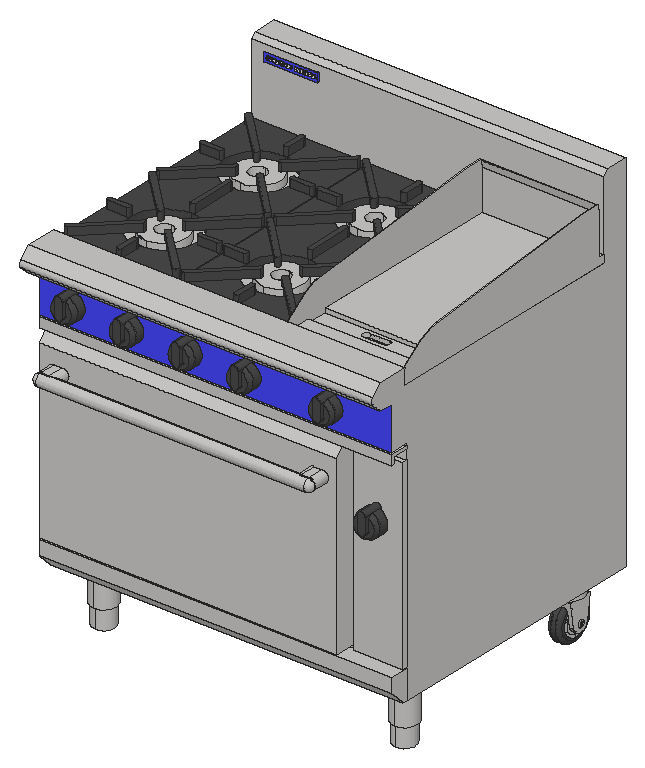
Revit family "QF_MOFFAT_BLUESEAL_CE_GE56C", category Specialty Equipment, Revit 2012
Parameters
  Width = 900 mm  # constant formula
  Weight in Pounds = 440
  Watts = 6600 W
  Volts = 400 V
  URL Cutsheet = "www.moffat.com"
  URL = "www.moffat.com"
  Type Mark [instance] = ""
  Status [instance] = ""
  Specification by User [instance] = ""
  Specification by Manufacturer = ""
  Show Logo [instance] = yes
  Show Clearance [instance] = yes
  Show Casters [instance] = yes
  Serial Number = ""
  Seismic Rating = ""
  SMACNA No = ""
  Revision Code [instance] = ""
  Phase = 3
  Omniclass Number and Title = ""
  Number of Poles [instance] = 1
  NAFEM Spec ID Number = ""
  Model = "GE56C"
  Min Ckt Ampacity = 0 A
  Mechanical Remarks = ""
  Mechanical Connection Type [instance] = ""
  Max Overcurrent Protection = 0 A
  Masterspec = ""
  Manufacturer = "MOFFAT BLUESEAL"
  Legs [instance] = not(Show Casters)  # no
  Item Number [instance] = ""
  Installed By [instance] = ""
  Identify Quantity as Lot [instance] = yes
  Height = 970 mm  # constant formula
  HP = ""
  Gas Size = 3/4"
  Gas RI Height [instance] = 0 mm
  Gas KW [instance] = 36.6
  Gas Input [instance] = 125111.0 Btu/h
  Gas Connection Height = 0 mm
  Furnished By [instance] = ""
  Foodservice Equipment Identifier [instance] = yes
  FL Amps = 9.4 A
  Electrical Remarks = "9.4A PER PHASE"
  Electric Connection Type = ""
  Elec Conn RI Height = 0 mm
  Elec Conn Connection Height = 0 mm
  Description = "900MM GAS RANGE WITH ELECTRIC CONVECTION OVEN"
  Depth = 812 mm  # constant formula
  Cycle = 50 Hz
  Conn Plug = ""
  Conn Conduit = yes
  CSI MasterFormat = ""
  CSI Master Format = ""
  Body Finish = QF_Finishes_Stainless Steel
  Apparent Power = 0 VA
Reference planes
  plane 1 "BACK": y = 0
  plane 2: z = 0
  plane 3 "LEFT": x = 0
  plane 4 "RIGHT": x = 900
  plane 5 "FRONT": y = -812
  plane 6 "TOP": z = 970
  plane 7 "Center Y": x = 450
  plane 8 "Center X": y = -406
  plane 9: x = 280
  plane 10: y = -574.272
  plane 11: x = 60
  plane 12: y = -304.972
  plane 13: y = -364.972
  plane 14: x = 74
  plane 15: y = -812
  plane 16: x = 834.5
  plane 17: y = -32
  plane 18: z = 655
  plane 19: y = -100
  plane 20: z = 1085
  plane 21: y = -705
  plane 22: x = 65.8
  plane 23: x = 534.2
Forms (mm)
  Extrusion 1, solid, material "QF_Finishes_Stainless Steel" <- "Body Finish"
    sketch origin (0, 0, 0) x (0, 1, 0) y (0, 0, 1)
      loop
        line (0, 150) -> (0, 1085) -> (-57.5, 1085) -> (-70, 1072.5) -> (-70, 875) -> (-705, 875) -> (-705, 915) -> (-783.97, 915) -> (-808.476, 890.494)
        arc (-808.476, 890.494) -> (-811.994, 882) -> (-808.476, 873.506) r 12.013
        line (-808.476, 873.506) -> (-784.97, 850) -> (-749, 850) -> (-749, 740) -> (-699, 740) -> (-699, 150) -> (0, 150)
    from 0 to 900
  Extrusion 2, solid, material "QF_Finishes_Stainless Steel"
    sketch origin (0, 7, 0) x (0, 1, 0) y (0, 0, 1)
      loop
        line (-706, 700) -> (-732, 700) -> (-756, 676) -> (-756, 227.5) -> (-706, 227.5) -> (-706, 700)
    from 0 to 760
  Extrusion 3, solid, material "QF_Finishes_Stainless Steel"
    sketch origin (723.5, 7, 0) x (0, 1, 0) y (0, 0, 1)
      loop
        line (-706, 700) -> (-721, 700) -> (-721, 227.5) -> (-706, 227.5) -> (-706, 700)
    from 51.5 to 176.5
  Revolve 4, solid, material "QF_Finishes_Stainless Steel" <- "Body Finish"
    sketch origin (834.5, -696.126, 0) x (0, 1, 0) y (0, 0, -1)
      loop
        line (39.376, -150) -> (71.126, -150) -> (71.126, 0) -> (43.626, 0) -> (43.626, -50) -> (39.376, -50) -> (39.376, -150)
      axis (71.126, -150) -> (71.126, 0)
    angle from 0 to 360
  Revolve 5, solid, material "QF_Finishes_Stainless Steel" <- "Body Finish"
    sketch origin (65.5, -696.126, 0) x (0, 1, 0) y (0, 0, 1)
      loop
        line (39.376, 150) -> (39.376, 50) -> (43.626, 50) -> (43.626, 0) -> (71.126, 0) -> (71.126, 150) -> (39.376, 150)
      axis (71.126, 150) -> (71.126, 0)
    angle from 0 to 360
  Extrusion 6, solid, material "QF_Finishes_Stainless Steel"
    sketch origin (-64.5, 0, 325) x (1, 0, 0) y (0, 1, 0)
      loop
        circle (834.5, -32) r 10
    from 330 to 371
  Revolve 7, solid, material "QF_Finishes_Black"
    sketch origin (750, 45.874, -0.118) x (0, 1, 0) y (0, 0, 1)
      loop
        line (-827.874, 829.5) -> (-838.874, 823.651) -> (-838.874, 797) -> (-794.874, 797) -> (-794.874, 802) -> (-804.874, 802) -> (-804.874, 829.5) -> (-827.874, 829.5)
      axis (-838.874, 797) -> (-794.874, 797)
    angle from 0 to 360
  Revolve 8, solid, material "QF_Finishes_Black"
    sketch origin (90.649, 45.874, -0.118) x (0, 1, 0) y (0, 0, -1)
      loop
        line (-827.874, -829.5) -> (-804.874, -829.5) -> (-804.874, -802) -> (-794.874, -802) -> (-794.874, -797) -> (-838.874, -797) -> (-838.874, -823.651) -> (-827.874, -829.5)
      axis (-838.874, -797) -> (-794.874, -797)
    angle from 0 to 360
  Revolve 9, solid, material "QF_Finishes_Black"
    sketch origin (240.649, 45.874, -0.118) x (0, 1, 0) y (0, 0, -1)
      loop
        line (-827.874, -829.5) -> (-804.874, -829.5) -> (-804.874, -802) -> (-794.874, -802) -> (-794.874, -797) -> (-838.874, -797) -> (-838.874, -823.651) -> (-827.874, -829.5)
      axis (-838.874, -797) -> (-794.874, -797)
    angle from 0 to 360
  Revolve 10, solid, material "QF_Finishes_Black"
    sketch origin (390.625, 45.874, -0.118) x (0, 1, 0) y (0, 0, -1)
      loop
        line (-827.874, -829.5) -> (-804.874, -829.5) -> (-804.874, -802) -> (-794.874, -802) -> (-794.874, -797) -> (-838.874, -797) -> (-838.874, -823.651) -> (-827.874, -829.5)
      axis (-838.874, -797) -> (-794.874, -797)
    angle from 0 to 360
  Extrusion 11, solid, material "QF_Finishes_Black"
    sketch origin (238.456, 7, -0.118) x (-1, 0, 0) y (0, 0, -1)
      loop
        arc (158.3, -789) -> (148.3, -779) -> (138.3, -789) r 10
        line (138.3, -789) -> (138.3, -824)
        arc (138.3, -824) -> (148.3, -834) -> (158.3, -824) r 10
        line (158.3, -824) -> (158.3, -789)
    from 759 to 808
  Extrusion 12, solid, material "QF_Finishes_Black"
    sketch origin (388.456, 7, -0.118) x (-1, 0, 0) y (0, 0, -1)
      loop
        arc (158.3, -789) -> (148.3, -779) -> (138.3, -789) r 10
        line (138.3, -789) -> (138.3, -824)
        arc (138.3, -824) -> (148.3, -834) -> (158.3, -824) r 10
        line (158.3, -824) -> (158.3, -789)
    from 759 to 808
  Extrusion 13, solid, material "QF_Finishes_Black"
    sketch origin (602.193, 7, -0.118) x (1, 0, 0) y (0, 0, 1)
      loop
        line (158.3, 789) -> (158.3, 824)
        arc (158.3, 824) -> (148.3, 834) -> (138.3, 824) r 10
        line (138.3, 824) -> (138.3, 789)
        arc (138.3, 789) -> (148.3, 779) -> (158.3, 789) r 10
    from 759 to 808
  Extrusion 14, solid, material "QF_Finishes_Black"
    sketch origin (538.432, 7, -0.118) x (-1, 0, 0) y (0, 0, -1)
      loop
        arc (158.3, -789) -> (148.3, -779) -> (138.3, -789) r 10
        line (138.3, -789) -> (138.3, -824)
        arc (138.3, -824) -> (148.3, -834) -> (158.3, -824) r 10
        line (158.3, -824) -> (158.3, -789)
    from 759 to 808
  Extrusion 15, solid, material "QF_Finishes_Black"
    sketch origin (688.432, 7, -0.118) x (-1, 0, 0) y (0, 0, -1)
      loop
        arc (158.3, -789) -> (148.3, -779) -> (138.3, -789) r 10
        line (138.3, -789) -> (138.3, -824)
        arc (138.3, -824) -> (148.3, -834) -> (158.3, -824) r 10
        line (158.3, -824) -> (158.3, -789)
    from 759 to 808
  Revolve 16, solid, material "QF_Finishes_Black"
    sketch origin (836.851, 80.874, -245.743) x (0, 1, 0) y (0, 0, 1)
      loop
        line (-827.874, 829.5) -> (-838.874, 823.651) -> (-838.874, 797) -> (-794.874, 797) -> (-794.874, 802) -> (-804.874, 802) -> (-804.874, 829.5) -> (-827.874, 829.5)
      axis (-838.874, 797) -> (-794.874, 797)
    angle from 0 to 360
  Extrusion 17, solid, material "QF_Finishes_Black"
    sketch origin (689.044, 42, -245.743) x (1, 0, 0) y (0, 0, 1)
      loop
        line (158.3, 789) -> (158.3, 824)
        arc (158.3, 824) -> (148.3, 834) -> (138.3, 824) r 10
        line (138.3, 824) -> (138.3, 789)
        arc (138.3, 789) -> (148.3, 779) -> (158.3, 789) r 10
    from 759 to 808
  Extrusion 18, solid, material "QF_Door-Drawer Clearances", visible <- "Show Clearance", detail levels coarse
    sketch origin (0, 7, 0) x (0, -1, 0) y (0, 0, 1)
      loop
        line (756, 697.347) -> (756, 227.5) -> (1225.847, 227.5)
        arc (1225.847, 227.5) -> (1088.232, 559.732) -> (756, 697.347) r 469.847
    from 0 to -760
  Extrusion 19, void
    sketch origin (0, 0, 220) x (1, 0, 0) y (0, 1, 0)
      loop
        line (824, -87) -> (824, 0) -> (694, 0) -> (694, -39) -> (744, -87) -> (824, -87)
    from 0 to 476
  Revolve 20, solid, material "QF_Finishes_Black"
    sketch origin (540.625, 45.874, -0.118) x (0, 1, 0) y (0, 0, -1)
      loop
        line (-827.874, -829.5) -> (-804.874, -829.5) -> (-804.874, -802) -> (-794.874, -802) -> (-794.874, -797) -> (-838.874, -797) -> (-838.874, -823.651) -> (-827.874, -829.5)
      axis (-838.874, -797) -> (-794.874, -797)
    angle from 0 to 360
  Extrusion 21, solid, material "QF_Finishes_Stainless Steel"
    sketch origin (0, -749, 227.5) x (0, 0, 1) y (-1, 0, 0)
      loop
        line (380.625, -38.246) -> (380.625, -58.528)
        arc (380.625, -58.528) -> (395.625, -73.528) -> (410.625, -58.528) r 15
        line (410.625, -58.528) -> (410.625, -38.246)
        arc (410.625, -38.246) -> (395.625, -23.246) -> (380.625, -38.246) r 15
      loop
        arc (380.625, -723.039) -> (395.625, -738.039) -> (410.625, -723.039) r 15
        line (410.625, -723.039) -> (410.625, -702.757)
        arc (410.625, -702.757) -> (395.625, -687.757) -> (380.625, -702.757) r 15
        line (380.625, -702.757) -> (380.625, -723.039)
    from 0 to 44
  Revolve 22, solid, material "QF_Finishes_Stainless Steel"
    sketch origin (0, -793, 0) x (1, 0, 0) y (0, 0, 1)
      loop
        arc (738.039, 623.125) -> (733.646, 633.732) -> (723.039, 638.125) r 15
        line (723.039, 638.125) -> (38.246, 638.125)
        arc (38.246, 638.125) -> (27.64, 633.732) -> (23.246, 623.125) r 15
        line (23.246, 623.125) -> (738.039, 623.125)
      axis (738.039, 623.125) -> (23.246, 623.125)
    angle from 0 to 360
  Extrusion 23, solid, material "QF_Finishes_Stainless Steel" <- "Body Finish"
    sketch origin (0, 7, 0) x (0, 1, 0) y (0, 0, 1)
      loop
        line (-756, 710) -> (-747.224, 710) -> (-749.613, 726.999) -> (-707.93, 726.999) -> (-707.93, 734.003) -> (-756, 734.003) -> (-756, 710)
    from 0 to 900
  Extrusion 24, solid, material "QF_Finishes_Stainless Steel" <- "Body Finish"
    sketch origin (0, 4.73, 0) x (0, 1, 0) y (0, 0, 1)
      loop
        line (-753.73, 222.5) -> (-753.73, 186) -> (-717.73, 150) -> (-703.73, 150) -> (-703.73, 222.5) -> (-753.73, 222.5)
    from 0 to 900
  Extrusion 25, solid, material "QF_Finishes_Stainless Steel", visible <- "Show Casters"
    sketch origin (71.501, 133.353, -8.783) x (0, 1, 0) y (0, 0, 1)
      loop
        line (-201.603, 118.783) -> (-265.103, 118.783) -> (-252.746, 53.895)
        arc (-252.746, 53.895) -> (-233.353, 38.783) -> (-213.959, 53.895) r 20
        line (-213.959, 53.895) -> (-201.603, 118.783)
    from -35.667 to 22.923
  Revolve 26, solid, material "QF_Finishes_Stainless Steel", visible <- "Show Casters"
    sketch origin (65, -203, 0) x (0, 1, 0) y (0, 0, 1)
      loop
        line (67.25, 150) -> (67.25, 110) -> (103, 110) -> (103, 150) -> (67.25, 150)
      axis (103, 150) -> (103, 110)
    angle from 0 to 360
  Revolve 27, solid, material "QF_Finishes_Stainless Steel", visible <- "Show Casters"
    sketch origin (834.5, -203, 0) x (0, 1, 0) y (0, 0, -1)
      loop
        line (67.25, -150) -> (103, -150) -> (103, -110) -> (67.25, -110) -> (67.25, -150)
      axis (103, -150) -> (103, -110)
    angle from 0 to 360
  Revolve 28, solid, material "QF_Finishes_Stainless Steel", visible <- "Show Casters"
    sketch origin (785.276, -99.755, -13.653) x (1, 0, 0) y (0, 0, 1)
      loop
        line (14.841, 64.453) -> (83.584, 64.453) -> (83.584, 67.958) -> (82.314, 69.228) -> (80.79, 69.228) -> (80.79, 72.674) -> (68.644, 72.674) -> (68.644, 82.639) -> (65.088, 84.692) -> (63.738, 93.028) -> (65.881, 93.028) -> (65.881, 99.378) -> (65.088, 99.378) -> (65.088, 105.728)
        arc (65.088, 105.728) -> (62.298, 112.463) -> (55.563, 115.253) r 9.525
        line (55.563, 115.253) -> (42.863, 115.253)
        arc (42.863, 115.253) -> (36.127, 112.463) -> (33.338, 105.728) r 9.525
        line (33.338, 105.728) -> (33.338, 99.378) -> (32.544, 99.378) -> (32.544, 93.028) -> (34.687, 93.028) -> (33.352, 84.781) -> (29.782, 82.719) -> (29.782, 72.674) -> (17.635, 72.674) -> (17.635, 69.228) -> (16.111, 69.228) -> (14.841, 67.958) -> (14.841, 64.453)
      axis (14.841, 64.453) -> (83.584, 64.453)
    angle from 0 to 360
  Extrusion 29, solid, material "QF_Finishes_Stainless Steel", visible <- "Show Casters"
    sketch origin (841.001, 133.353, -8.783) x (0, 1, 0) y (0, 0, 1)
      loop
        line (-201.603, 118.783) -> (-265.103, 118.783) -> (-252.746, 53.895)
        arc (-252.746, 53.895) -> (-233.353, 38.783) -> (-213.959, 53.895) r 20
        line (-213.959, 53.895) -> (-201.603, 118.783)
    from -35.667 to 22.923
  Revolve 30, solid, material "QF_Finishes_Stainless Steel", visible <- "Legs"
    sketch origin (65, -165, 0) x (0, 1, 0) y (0, 0, 1)
      loop
        line (33.25, 150) -> (33.25, 50) -> (37.5, 50) -> (37.5, 0) -> (65, 0) -> (65, 150) -> (33.25, 150)
      axis (65, 150) -> (65, 0)
    angle from 0 to 360
  Revolve 31, solid, material "QF_Finishes_Stainless Steel", visible <- "Legs"
    sketch origin (834.5, -165, 0) x (0, 1, 0) y (0, 0, -1)
      loop
        line (33.25, -150) -> (65, -150) -> (65, 0) -> (37.5, 0) -> (37.5, -50) -> (33.25, -50) -> (33.25, -150)
      axis (65, -150) -> (65, 0)
    angle from 0 to 360
  Revolve 32, solid, material "QF_Finishes_Stainless Steel", visible <- "Show Casters"
    sketch origin (114.224, -99.755, -13.653) x (-1, 0, 0) y (0, 0, -1)
      loop
        line (14.841, -64.453) -> (14.841, -67.958) -> (16.111, -69.228) -> (17.635, -69.228) -> (17.635, -72.674) -> (29.782, -72.674) -> (29.782, -82.719) -> (33.352, -84.781) -> (34.687, -93.028) -> (32.544, -93.028) -> (32.544, -99.378) -> (33.338, -99.378) -> (33.338, -105.728)
        arc (33.338, -105.728) -> (36.127, -112.463) -> (42.863, -115.253) r 9.525
        line (42.863, -115.253) -> (55.563, -115.253)
        arc (55.563, -115.253) -> (62.298, -112.463) -> (65.088, -105.728) r 9.525
        line (65.088, -105.728) -> (65.088, -99.378) -> (65.881, -99.378) -> (65.881, -93.028) -> (63.738, -93.028) -> (65.088, -84.692) -> (68.644, -82.639) -> (68.644, -72.674) -> (80.79, -72.674) -> (80.79, -69.228) -> (82.314, -69.228) -> (83.584, -67.958) -> (83.584, -64.453) -> (14.841, -64.453)
      axis (14.841, -64.453) -> (83.584, -64.453)
    angle from 0 to 360
  Extrusion 33, solid, material "QF_Finishes_Black"
    sketch origin (0, -70, 875) x (0, -1, 0) y (1, 0, 0)
      loop
        arc (1, 4) -> (1.879, 1.879) -> (4, 1) r 3
        line (4, 1) -> (632, 1)
        arc (632, 1) -> (634.121, 1.879) -> (635, 4) r 3
        line (635, 4) -> (635, 297)
        arc (635, 297) -> (634.121, 299.121) -> (632, 300) r 3
        line (632, 300) -> (4, 300)
        arc (4, 300) -> (1.879, 299.121) -> (1, 297) r 3
        line (1, 297) -> (1, 4)
      loop
        circle (167.5, 150) r 85
      loop
        circle (467.768, 150) r 85
    from 0 to 19.5
  Extrusion 34, solid, material "QF_Finishes_Black"
    sketch origin (0, -73.5, 894.5) x (0, -1, 0) y (1, 0, 0)
      loop
        spline (323.602, 15.153) -> (322.681, 13.924) -> (322.131, 12.47) -> (321.99, 10.89) -> (322.267, 9.292) -> (322.943, 7.786) -> (323.973, 6.473) -> (325.286, 5.443) -> (326.792, 4.767) -> (328.39, 4.49) -> (329.97, 4.631) -> (331.424, 5.181) -> (332.653, 6.102)
        line (332.653, 6.102) -> (440.576, 114.025)
        spline (440.576, 114.025) -> (441.337, 115.095) -> (441.738, 116.399) -> (441.751, 117.851) -> (441.375, 119.35) -> (440.637, 120.795) -> (439.586, 122.086) -> (438.295, 123.137) -> (436.85, 123.875) -> (435.351, 124.251) -> (433.899, 124.238) -> (432.595, 123.837) -> (431.525, 123.076)
        line (431.525, 123.076) -> (323.602, 15.153)
      loop
        spline (371.852, 143.6) -> (373.146, 143.818) -> (374.352, 144.457) -> (375.388, 145.475) -> (376.182, 146.8) -> (376.682, 148.344) -> (376.852, 150) -> (376.682, 151.656) -> (376.182, 153.2) -> (375.388, 154.525) -> (374.352, 155.543) -> (373.146, 156.182) -> (371.852, 156.4)
        line (371.852, 156.4) -> (259.398, 156.4)
        spline (259.398, 156.4) -> (258.104, 156.182) -> (256.898, 155.543) -> (255.862, 154.525) -> (255.068, 153.2) -> (254.568, 151.656) -> (254.398, 150) -> (254.568, 148.344) -> (255.068, 146.8) -> (255.862, 145.475) -> (256.898, 144.457) -> (258.104, 143.818) -> (259.398, 143.6)
        line (259.398, 143.6) -> (371.852, 143.6)
      loop
        line (311.398, 15.153) -> (203.475, 123.076)
        spline (203.475, 123.076) -> (202.405, 123.837) -> (201.101, 124.238) -> (199.649, 124.251) -> (198.15, 123.875) -> (196.705, 123.137) -> (195.414, 122.086) -> (194.363, 120.795) -> (193.625, 119.35) -> (193.249, 117.851) -> (193.262, 116.399) -> (193.663, 115.095) -> (194.424, 114.025)
        line (194.424, 114.025) -> (302.347, 6.102)
        spline (302.347, 6.102) -> (303.416, 5.341) -> (304.721, 4.941) -> (306.172, 4.928) -> (307.671, 5.303) -> (309.116, 6.041) -> (310.408, 7.092) -> (311.459, 8.384) -> (312.197, 9.829) -> (312.572, 11.328) -> (312.559, 12.779) -> (312.159, 14.084) -> (311.398, 15.153)
      loop
        line (323.602, 284.847) -> (431.525, 176.924)
        spline (431.525, 176.924) -> (432.595, 176.163) -> (433.899, 175.762) -> (435.351, 175.749) -> (436.85, 176.125) -> (438.295, 176.863) -> (439.586, 177.914) -> (440.637, 179.205) -> (441.375, 180.65) -> (441.751, 182.149) -> (441.738, 183.601) -> (441.337, 184.905) -> (440.576, 185.975)
        line (440.576, 185.975) -> (332.653, 293.898)
        spline (332.653, 293.898) -> (331.424, 294.819) -> (329.97, 295.369) -> (328.39, 295.51) -> (326.792, 295.233) -> (325.286, 294.557) -> (323.973, 293.527) -> (322.943, 292.214) -> (322.267, 290.708) -> (321.99, 289.11) -> (322.131, 287.53) -> (322.681, 286.076) -> (323.602, 284.847)
      loop
        spline (311.398, 284.847) -> (312.159, 285.916) -> (312.559, 287.221) -> (312.572, 288.672) -> (312.197, 290.171) -> (311.459, 291.616) -> (310.408, 292.908) -> (309.116, 293.959) -> (307.671, 294.697) -> (306.172, 295.072) -> (304.721, 295.059) -> (303.416, 294.659) -> (302.347, 293.898)
        line (302.347, 293.898) -> (194.424, 185.975)
        spline (194.424, 185.975) -> (193.663, 184.905) -> (193.262, 183.601) -> (193.249, 182.149) -> (193.625, 180.65) -> (194.363, 179.205) -> (195.414, 177.914) -> (196.705, 176.863) -> (198.15, 176.125) -> (199.649, 175.749) -> (201.101, 175.762) -> (202.405, 176.163) -> (203.475, 176.924)
        line (203.475, 176.924) -> (311.398, 284.847)
      loop
        spline (73.549, 143.6) -> (74.844, 143.818) -> (76.049, 144.457) -> (77.085, 145.475) -> (77.88, 146.8) -> (78.379, 148.344) -> (78.549, 150) -> (78.379, 151.656) -> (77.88, 153.2) -> (77.085, 154.525) -> (76.049, 155.543) -> (74.844, 156.182) -> (73.549, 156.4)
        line (73.549, 156.4) -> (25.093, 156.4)
        spline (25.093, 156.4) -> (23.799, 156.182) -> (22.593, 155.543) -> (21.558, 154.525) -> (20.763, 153.2) -> (20.264, 151.656) -> (20.093, 150) -> (20.264, 148.344) -> (20.763, 146.8) -> (21.558, 145.475) -> (22.593, 144.457) -> (23.799, 143.818) -> (25.093, 143.6)
        line (25.093, 143.6) -> (73.549, 143.6)
      loop
        spline (608.1, 143.6) -> (609.394, 143.818) -> (610.6, 144.457) -> (611.636, 145.475) -> (612.43, 146.8) -> (612.93, 148.344) -> (613.1, 150) -> (612.93, 151.656) -> (612.43, 153.2) -> (611.636, 154.525) -> (610.6, 155.543) -> (609.394, 156.182) -> (608.1, 156.4)
        line (608.1, 156.4) -> (558.644, 156.4)
        spline (558.644, 156.4) -> (557.35, 156.182) -> (556.144, 155.543) -> (555.108, 154.525) -> (554.314, 153.2) -> (553.814, 151.656) -> (553.644, 150) -> (553.814, 148.344) -> (554.314, 146.8) -> (555.108, 145.475) -> (556.144, 144.457) -> (557.35, 143.818) -> (558.644, 143.6)
        line (558.644, 143.6) -> (608.1, 143.6)
      loop
        spline (457.6, 10.156) -> (457.818, 8.862) -> (458.457, 7.656) -> (459.475, 6.62) -> (460.8, 5.826) -> (462.344, 5.326) -> (464, 5.156) -> (465.656, 5.326) -> (467.2, 5.826) -> (468.525, 6.62) -> (469.543, 7.656) -> (470.182, 8.862) -> (470.4, 10.156)
        line (470.4, 10.156) -> (470.4, 58.612)
        spline (470.4, 58.612) -> (470.182, 59.906) -> (469.543, 61.112) -> (468.525, 62.148) -> (467.2, 62.942) -> (465.656, 63.442) -> (464, 63.612) -> (462.344, 63.442) -> (460.8, 62.942) -> (459.475, 62.148) -> (458.457, 61.112) -> (457.818, 59.906) -> (457.6, 58.612)
        line (457.6, 58.612) -> (457.6, 10.156)
      loop
        spline (160.966, 10.156) -> (161.184, 8.862) -> (161.823, 7.656) -> (162.841, 6.62) -> (164.166, 5.826) -> (165.71, 5.326) -> (167.366, 5.156) -> (169.022, 5.326) -> (170.566, 5.826) -> (171.892, 6.62) -> (172.909, 7.656) -> (173.548, 8.862) -> (173.766, 10.156)
        line (173.766, 10.156) -> (173.766, 58.612)
        spline (173.766, 58.612) -> (173.548, 59.906) -> (172.909, 61.112) -> (171.892, 62.148) -> (170.566, 62.942) -> (169.022, 63.442) -> (167.366, 63.612) -> (165.71, 63.442) -> (164.166, 62.942) -> (162.841, 62.148) -> (161.823, 61.112) -> (161.184, 59.906) -> (160.966, 58.612)
        line (160.966, 58.612) -> (160.966, 10.156)
      loop
        spline (457.6, 241.636) -> (457.818, 240.342) -> (458.457, 239.136) -> (459.475, 238.1) -> (460.8, 237.306) -> (462.344, 236.806) -> (464, 236.636) -> (465.656, 236.806) -> (467.2, 237.306) -> (468.525, 238.1) -> (469.543, 239.136) -> (470.182, 240.342) -> (470.4, 241.636)
        line (470.4, 241.636) -> (470.4, 290.092)
        spline (470.4, 290.092) -> (470.182, 291.386) -> (469.543, 292.592) -> (468.525, 293.628) -> (467.2, 294.422) -> (465.656, 294.922) -> (464, 295.092) -> (462.344, 294.922) -> (460.8, 294.422) -> (459.475, 293.628) -> (458.457, 292.592) -> (457.818, 291.386) -> (457.6, 290.092)
        line (457.6, 290.092) -> (457.6, 241.636)
      loop
        spline (160.966, 241.636) -> (161.184, 240.342) -> (161.823, 239.136) -> (162.841, 238.1) -> (164.166, 237.306) -> (165.71, 236.806) -> (167.366, 236.636) -> (169.022, 236.806) -> (170.566, 237.306) -> (171.892, 238.1) -> (172.909, 239.136) -> (173.548, 240.342) -> (173.766, 241.636)
        line (173.766, 241.636) -> (173.766, 290.092)
        spline (173.766, 290.092) -> (173.548, 291.386) -> (172.909, 292.592) -> (171.892, 293.628) -> (170.566, 294.422) -> (169.022, 294.922) -> (167.366, 295.092) -> (165.71, 294.922) -> (164.166, 294.422) -> (162.841, 293.628) -> (161.823, 292.592) -> (161.184, 291.386) -> (160.966, 290.092)
        line (160.966, 290.092) -> (160.966, 241.636)
      loop
        line (604.398, 15.153) -> (496.475, 123.076)
        spline (496.475, 123.076) -> (495.405, 123.837) -> (494.101, 124.238) -> (492.649, 124.251) -> (491.15, 123.875) -> (489.705, 123.137) -> (488.414, 122.086) -> (487.363, 120.795) -> (486.625, 119.35) -> (486.249, 117.851) -> (486.262, 116.399) -> (486.663, 115.095) -> (487.424, 114.025)
        line (487.424, 114.025) -> (595.347, 6.102)
        spline (595.347, 6.102) -> (596.576, 5.181) -> (598.03, 4.631) -> (599.61, 4.49) -> (601.208, 4.767) -> (602.714, 5.443) -> (604.027, 6.473) -> (605.057, 7.786) -> (605.733, 9.292) -> (606.01, 10.89) -> (605.869, 12.47) -> (605.319, 13.924) -> (604.398, 15.153)
      loop
        spline (604.398, 284.847) -> (605.319, 286.076) -> (605.869, 287.53) -> (606.01, 289.11) -> (605.733, 290.708) -> (605.057, 292.214) -> (604.027, 293.527) -> (602.714, 294.557) -> (601.208, 295.233) -> (599.61, 295.51) -> (598.03, 295.369) -> (596.576, 294.819) -> (595.347, 293.898)
        line (595.347, 293.898) -> (487.424, 185.975)
        spline (487.424, 185.975) -> (486.663, 184.905) -> (486.262, 183.601) -> (486.249, 182.149) -> (486.625, 180.65) -> (487.363, 179.205) -> (488.414, 177.914) -> (489.705, 176.863) -> (491.15, 176.125) -> (492.649, 175.749) -> (494.101, 175.762) -> (495.405, 176.163) -> (496.475, 176.924)
        line (496.475, 176.924) -> (604.398, 284.847)
      loop
        spline (16.602, 15.153) -> (15.841, 14.084) -> (15.441, 12.779) -> (15.428, 11.328) -> (15.803, 9.829) -> (16.541, 8.384) -> (17.592, 7.092) -> (18.884, 6.041) -> (20.329, 5.303) -> (21.828, 4.928) -> (23.279, 4.941) -> (24.584, 5.341) -> (25.653, 6.102)
        line (25.653, 6.102) -> (133.576, 114.025)
        spline (133.576, 114.025) -> (134.337, 115.095) -> (134.738, 116.399) -> (134.751, 117.851) -> (134.375, 119.35) -> (133.637, 120.795) -> (132.586, 122.086) -> (131.295, 123.137) -> (129.85, 123.875) -> (128.351, 124.251) -> (126.899, 124.238) -> (125.595, 123.837) -> (124.525, 123.076)
        line (124.525, 123.076) -> (16.602, 15.153)
      loop
        line (16.602, 284.847) -> (124.525, 176.924)
        spline (124.525, 176.924) -> (125.595, 176.163) -> (126.899, 175.762) -> (128.351, 175.749) -> (129.85, 176.125) -> (131.295, 176.863) -> (132.586, 177.914) -> (133.637, 179.205) -> (134.375, 180.65) -> (134.751, 182.149) -> (134.738, 183.601) -> (134.337, 184.905) -> (133.576, 185.975)
        line (133.576, 185.975) -> (25.653, 293.898)
        spline (25.653, 293.898) -> (24.584, 294.659) -> (23.279, 295.059) -> (21.828, 295.072) -> (20.329, 294.697) -> (18.884, 293.959) -> (17.592, 292.908) -> (16.541, 291.616) -> (15.803, 290.171) -> (15.428, 288.672) -> (15.441, 287.221) -> (15.841, 285.916) -> (16.602, 284.847)
      loop
        line (323.602, 584.847) -> (431.525, 476.924)
        spline (431.525, 476.924) -> (432.595, 476.163) -> (433.899, 475.762) -> (435.351, 475.749) -> (436.85, 476.125) -> (438.295, 476.863) -> (439.586, 477.914) -> (440.637, 479.205) -> (441.375, 480.65) -> (441.751, 482.149) -> (441.738, 483.601) -> (441.337, 484.905) -> (440.576, 485.975)
        line (440.576, 485.975) -> (332.653, 593.898)
        spline (332.653, 593.898) -> (331.424, 594.819) -> (329.97, 595.369) -> (328.39, 595.51) -> (326.792, 595.233) -> (325.286, 594.557) -> (323.973, 593.527) -> (322.943, 592.214) -> (322.267, 590.708) -> (321.99, 589.11) -> (322.131, 587.53) -> (322.681, 586.076) -> (323.602, 584.847)
      loop
        line (371.852, 456.4) -> (259.398, 456.4)
        spline (259.398, 456.4) -> (258.104, 456.182) -> (256.898, 455.543) -> (255.862, 454.525) -> (255.068, 453.2) -> (254.568, 451.656) -> (254.398, 450) -> (254.568, 448.344) -> (255.068, 446.8) -> (255.862, 445.475) -> (256.898, 444.457) -> (258.104, 443.818) -> (259.398, 443.6)
        line (259.398, 443.6) -> (371.852, 443.6)
        spline (371.852, 443.6) -> (373.146, 443.818) -> (374.352, 444.457) -> (375.388, 445.475) -> (376.182, 446.8) -> (376.682, 448.344) -> (376.852, 450) -> (376.682, 451.656) -> (376.182, 453.2) -> (375.388, 454.525) -> (374.352, 455.543) -> (373.146, 456.182) -> (371.852, 456.4)
      loop
        spline (311.398, 584.847) -> (312.159, 585.916) -> (312.559, 587.221) -> (312.572, 588.672) -> (312.197, 590.171) -> (311.459, 591.616) -> (310.408, 592.908) -> (309.116, 593.959) -> (307.671, 594.697) -> (306.172, 595.072) -> (304.721, 595.059) -> (303.416, 594.659) -> (302.347, 593.898)
        line (302.347, 593.898) -> (194.424, 485.975)
        spline (194.424, 485.975) -> (193.663, 484.905) -> (193.262, 483.601) -> (193.249, 482.149) -> (193.625, 480.65) -> (194.363, 479.205) -> (195.414, 477.914) -> (196.705, 476.863) -> (198.15, 476.125) -> (199.649, 475.749) -> (201.101, 475.762) -> (202.405, 476.163) -> (203.475, 476.924)
        line (203.475, 476.924) -> (311.398, 584.847)
      loop
        spline (323.602, 315.153) -> (322.681, 313.924) -> (322.131, 312.47) -> (321.99, 310.89) -> (322.267, 309.292) -> (322.943, 307.786) -> (323.973, 306.473) -> (325.286, 305.443) -> (326.792, 304.767) -> (328.39, 304.49) -> (329.97, 304.631) -> (331.424, 305.181) -> (332.653, 306.102)
        line (332.653, 306.102) -> (440.576, 414.025)
        spline (440.576, 414.025) -> (441.337, 415.095) -> (441.738, 416.399) -> (441.751, 417.851) -> (441.375, 419.35) -> (440.637, 420.795) -> (439.586, 422.086) -> (438.295, 423.137) -> (436.85, 423.875) -> (435.351, 424.251) -> (433.899, 424.238) -> (432.595, 423.837) -> (431.525, 423.076)
        line (431.525, 423.076) -> (323.602, 315.153)
      loop
        line (311.398, 315.153) -> (203.475, 423.076)
        spline (203.475, 423.076) -> (202.405, 423.837) -> (201.101, 424.238) -> (199.649, 424.251) -> (198.15, 423.875) -> (196.705, 423.137) -> (195.414, 422.086) -> (194.363, 420.795) -> (193.625, 419.35) -> (193.249, 417.851) -> (193.262, 416.399) -> (193.663, 415.095) -> (194.424, 414.025)
        line (194.424, 414.025) -> (302.347, 306.102)
        spline (302.347, 306.102) -> (303.416, 305.341) -> (304.721, 304.941) -> (306.172, 304.928) -> (307.671, 305.303) -> (309.116, 306.041) -> (310.408, 307.092) -> (311.459, 308.384) -> (312.197, 309.829) -> (312.572, 311.328) -> (312.559, 312.779) -> (312.159, 314.084) -> (311.398, 315.153)
      loop
        line (73.549, 456.4) -> (25.093, 456.4)
        spline (25.093, 456.4) -> (23.799, 456.182) -> (22.593, 455.543) -> (21.558, 454.525) -> (20.763, 453.2) -> (20.264, 451.656) -> (20.093, 450) -> (20.264, 448.344) -> (20.763, 446.8) -> (21.558, 445.475) -> (22.593, 444.457) -> (23.799, 443.818) -> (25.093, 443.6)
        line (25.093, 443.6) -> (73.549, 443.6)
        spline (73.549, 443.6) -> (74.844, 443.818) -> (76.049, 444.457) -> (77.085, 445.475) -> (77.88, 446.8) -> (78.379, 448.344) -> (78.549, 450) -> (78.379, 451.656) -> (77.88, 453.2) -> (77.085, 454.525) -> (76.049, 455.543) -> (74.844, 456.182) -> (73.549, 456.4)
      loop
        line (608.1, 456.4) -> (558.644, 456.4)
        spline (558.644, 456.4) -> (557.35, 456.182) -> (556.144, 455.543) -> (555.108, 454.525) -> (554.314, 453.2) -> (553.814, 451.656) -> (553.644, 450) -> (553.814, 448.344) -> (554.314, 446.8) -> (555.108, 445.475) -> (556.144, 444.457) -> (557.35, 443.818) -> (558.644, 443.6)
        line (558.644, 443.6) -> (608.1, 443.6)
        spline (608.1, 443.6) -> (609.394, 443.818) -> (610.6, 444.457) -> (611.636, 445.475) -> (612.43, 446.8) -> (612.93, 448.344) -> (613.1, 450) -> (612.93, 451.656) -> (612.43, 453.2) -> (611.636, 454.525) -> (610.6, 455.543) -> (609.394, 456.182) -> (608.1, 456.4)
      loop
        line (457.6, 589.844) -> (457.6, 541.388)
        spline (457.6, 541.388) -> (457.818, 540.094) -> (458.457, 538.888) -> (459.475, 537.852) -> (460.8, 537.058) -> (462.344, 536.558) -> (464, 536.388) -> (465.656, 536.558) -> (467.2, 537.058) -> (468.525, 537.852) -> (469.543, 538.888) -> (470.182, 540.094) -> (470.4, 541.388)
        line (470.4, 541.388) -> (470.4, 589.844)
        spline (470.4, 589.844) -> (470.182, 591.138) -> (469.543, 592.344) -> (468.525, 593.38) -> (467.2, 594.174) -> (465.656, 594.674) -> (464, 594.844) -> (462.344, 594.674) -> (460.8, 594.174) -> (459.475, 593.38) -> (458.457, 592.344) -> (457.818, 591.138) -> (457.6, 589.844)
      loop
        line (160.966, 589.844) -> (160.966, 541.388)
        spline (160.966, 541.388) -> (161.184, 540.094) -> (161.823, 538.888) -> (162.841, 537.852) -> (164.166, 537.058) -> (165.71, 536.558) -> (167.366, 536.388) -> (169.022, 536.558) -> (170.566, 537.058) -> (171.892, 537.852) -> (172.909, 538.888) -> (173.548, 540.094) -> (173.766, 541.388)
        line (173.766, 541.388) -> (173.766, 589.844)
        spline (173.766, 589.844) -> (173.548, 591.138) -> (172.909, 592.344) -> (171.892, 593.38) -> (170.566, 594.174) -> (169.022, 594.674) -> (167.366, 594.844) -> (165.71, 594.674) -> (164.166, 594.174) -> (162.841, 593.38) -> (161.823, 592.344) -> (161.184, 591.138) -> (160.966, 589.844)
      loop
        line (457.6, 358.364) -> (457.6, 309.908)
        spline (457.6, 309.908) -> (457.818, 308.614) -> (458.457, 307.408) -> (459.475, 306.372) -> (460.8, 305.578) -> (462.344, 305.078) -> (464, 304.908) -> (465.656, 305.078) -> (467.2, 305.578) -> (468.525, 306.372) -> (469.543, 307.408) -> (470.182, 308.614) -> (470.4, 309.908)
        line (470.4, 309.908) -> (470.4, 358.364)
        spline (470.4, 358.364) -> (470.182, 359.658) -> (469.543, 360.864) -> (468.525, 361.9) -> (467.2, 362.694) -> (465.656, 363.194) -> (464, 363.364) -> (462.344, 363.194) -> (460.8, 362.694) -> (459.475, 361.9) -> (458.457, 360.864) -> (457.818, 359.658) -> (457.6, 358.364)
      loop
        line (160.966, 358.364) -> (160.966, 309.908)
        spline (160.966, 309.908) -> (161.184, 308.614) -> (161.823, 307.408) -> (162.841, 306.372) -> (164.166, 305.578) -> (165.71, 305.078) -> (167.366, 304.908) -> (169.022, 305.078) -> (170.566, 305.578) -> (171.892, 306.372) -> (172.909, 307.408) -> (173.548, 308.614) -> (173.766, 309.908)
        line (173.766, 309.908) -> (173.766, 358.364)
        spline (173.766, 358.364) -> (173.548, 359.658) -> (172.909, 360.864) -> (171.892, 361.9) -> (170.566, 362.694) -> (169.022, 363.194) -> (167.366, 363.364) -> (165.71, 363.194) -> (164.166, 362.694) -> (162.841, 361.9) -> (161.823, 360.864) -> (161.184, 359.658) -> (160.966, 358.364)
      loop
        spline (604.398, 584.847) -> (605.319, 586.076) -> (605.869, 587.53) -> (606.01, 589.11) -> (605.733, 590.708) -> (605.057, 592.214) -> (604.027, 593.527) -> (602.714, 594.557) -> (601.208, 595.233) -> (599.61, 595.51) -> (598.03, 595.369) -> (596.576, 594.819) -> (595.347, 593.898)
        line (595.347, 593.898) -> (487.424, 485.975)
        spline (487.424, 485.975) -> (486.663, 484.905) -> (486.262, 483.601) -> (486.249, 482.149) -> (486.625, 480.65) -> (487.363, 479.205) -> (488.414, 477.914) -> (489.705, 476.863) -> (491.15, 476.125) -> (492.649, 475.749) -> (494.101, 475.762) -> (495.405, 476.163) -> (496.475, 476.924)
        line (496.475, 476.924) -> (604.398, 584.847)
      loop
        line (604.398, 315.153) -> (496.475, 423.076)
        spline (496.475, 423.076) -> (495.405, 423.837) -> (494.101, 424.238) -> (492.649, 424.251) -> (491.15, 423.875) -> (489.705, 423.137) -> (488.414, 422.086) -> (487.363, 420.795) -> (486.625, 419.35) -> (486.249, 417.851) -> (486.262, 416.399) -> (486.663, 415.095) -> (487.424, 414.025)
        line (487.424, 414.025) -> (595.347, 306.102)
        spline (595.347, 306.102) -> (596.576, 305.181) -> (598.03, 304.631) -> (599.61, 304.49) -> (601.208, 304.767) -> (602.714, 305.443) -> (604.027, 306.473) -> (605.057, 307.786) -> (605.733, 309.292) -> (606.01, 310.89) -> (605.869, 312.47) -> (605.319, 313.924) -> (604.398, 315.153)
      loop
        line (16.602, 584.847) -> (124.525, 476.924)
        spline (124.525, 476.924) -> (125.595, 476.163) -> (126.899, 475.762) -> (128.351, 475.749) -> (129.85, 476.125) -> (131.295, 476.863) -> (132.586, 477.914) -> (133.637, 479.205) -> (134.375, 480.65) -> (134.751, 482.149) -> (134.738, 483.601) -> (134.337, 484.905) -> (133.576, 485.975)
        line (133.576, 485.975) -> (25.653, 593.898)
        spline (25.653, 593.898) -> (24.584, 594.659) -> (23.279, 595.059) -> (21.828, 595.072) -> (20.329, 594.697) -> (18.884, 593.959) -> (17.592, 592.908) -> (16.541, 591.616) -> (15.803, 590.171) -> (15.428, 588.672) -> (15.441, 587.221) -> (15.841, 585.916) -> (16.602, 584.847)
      loop
        spline (16.602, 315.153) -> (15.841, 314.084) -> (15.441, 312.779) -> (15.428, 311.328) -> (15.803, 309.829) -> (16.541, 308.384) -> (17.592, 307.092) -> (18.884, 306.041) -> (20.329, 305.303) -> (21.828, 304.928) -> (23.279, 304.941) -> (24.584, 305.341) -> (25.653, 306.102)
        line (25.653, 306.102) -> (133.576, 414.025)
        spline (133.576, 414.025) -> (134.337, 415.095) -> (134.738, 416.399) -> (134.751, 417.851) -> (134.375, 419.35) -> (133.637, 420.795) -> (132.586, 422.086) -> (131.295, 423.137) -> (129.85, 423.875) -> (128.351, 424.251) -> (126.899, 424.238) -> (125.595, 423.837) -> (124.525, 423.076)
        line (124.525, 423.076) -> (16.602, 315.153)
    from 0 to 20.5
  Extrusion 35, solid, material "QF_Finishes_Stainless Steel"
    sketch origin (0, -70, 875) x (0, -1, 0) y (1, 0, 0)
      loop
        circle (467.5, 150) r 57
      loop
        circle (167.5, 150) r 57
      loop
        circle (467.5, 150) r 22
      loop
        circle (167.5, 150) r 22
      loop
        circle (467.5, 450) r 57
      loop
        circle (167.5, 450) r 57
      loop
        circle (467.5, 450) r 22
      loop
        circle (167.5, 450) r 22
    from 0 to 19.5
  Extrusion 36, solid, material "QF_Finishes_Black"
    sketch origin (600, -70, 875) x (0, -1, 0) y (1, 0, 0)
      loop
        line (1, -3) -> (1, -297)
        arc (1, -297) -> (1.879, -299.121) -> (4, -300) r 3
        line (4, -300) -> (632, -300)
        arc (632, -300) -> (634.121, -299.121) -> (635, -297) r 3
        line (635, -297) -> (635, -3)
        arc (635, -3) -> (634.121, -0.879) -> (632, 0) r 3
        line (632, 0) -> (4, 0)
        arc (4, 0) -> (1.879, -0.879) -> (1, -3) r 3
      loop
        circle (167.5, -150) r 85
      loop
        circle (467.768, -150) r 85
    from 0 to 19.5
  Extrusion 37, solid, material "QF_Finishes_Stainless Steel"
    sketch origin (0, 0, 0) x (1, 0, 0) y (0, 1, 0)
      loop
        circle (826, -501) r 6.35
    from 150 to 147.817
Cuts and joins
  Extrusion 19 cuts Extrusion 1
Lines and regions (mm)
  Split face 1
    outline origin (900, 0, 1085) x (-1, 0, 0) y (0, -1, 0)
      loop
        arc (867.206, 18.385) -> (875.866, 23.385) -> (875.866, 33.385) r 10
        line (875.866, 33.385) -> (871.824, 40.385)
        arc (871.824, 40.385) -> (868.164, 44.045) -> (863.164, 45.385) r 10
        line (863.164, 45.385) -> (635.206, 45.385)
        arc (635.206, 45.385) -> (626.545, 40.385) -> (626.545, 30.385) r 10
        line (626.545, 30.385) -> (630.587, 23.385)
        arc (630.587, 23.385) -> (634.247, 19.725) -> (639.247, 18.385) r 10
        line (639.247, 18.385) -> (867.206, 18.385)
  Split face 2
    outline origin (900, 0, 1085) x (-1, 0, 0) y (0, -1, 0)
      loop
        arc (567.206, 18.385) -> (575.866, 23.385) -> (575.866, 33.385) r 10
        line (575.866, 33.385) -> (571.824, 40.385)
        arc (571.824, 40.385) -> (568.164, 44.045) -> (563.164, 45.385) r 10
        line (563.164, 45.385) -> (335.206, 45.385)
        arc (335.206, 45.385) -> (326.545, 40.385) -> (326.545, 30.385) r 10
        line (326.545, 30.385) -> (330.587, 23.385)
        arc (330.587, 23.385) -> (334.247, 19.725) -> (339.247, 18.385) r 10
        line (339.247, 18.385) -> (567.206, 18.385)
  Split face 3
    outline origin (900, 0, 1085) x (-1, 0, 0) y (0, -1, 0)
      loop
        arc (35.206, 45.385) -> (26.545, 40.385) -> (26.545, 30.385) r 10
        line (26.545, 30.385) -> (30.587, 23.385)
        arc (30.587, 23.385) -> (34.247, 19.725) -> (39.247, 18.385) r 10
        line (39.247, 18.385) -> (267.206, 18.385)
        arc (267.206, 18.385) -> (275.866, 23.385) -> (275.866, 33.385) r 10
        line (275.866, 33.385) -> (271.824, 40.385)
        arc (271.824, 40.385) -> (268.164, 44.045) -> (263.164, 45.385) r 10
        line (263.164, 45.385) -> (35.206, 45.385)
  symbolic lines
    curve 1: line (0, 0, 0) -> (0, -812, 0)
    curve 2: line (900, 0, 0) -> (0, 0, 0)
    curve 3: line (900, -812, 0) -> (900, 0, 0)
    curve 4: line (0, -70, 0) -> (900, -70, 0)
    curve 5: line (900, -812, 0) -> (0, -812, 0)
    curve 6: line (900, -705, 0) -> (0, -705, 0)
    curve 7: line (0, -701.7, 0) -> (900, -701.7, 0)
    curve 8: line (900, -72.734, 0) -> (0, -72.734, 0)
    curve 9: arc (22.65, -812, 0) -> (34.104, -822.278, 0) -> (48.889, -826.544, 0) r 34.455
    curve 10: line (48.889, -826.544, 0) -> (721.858, -826.544, 0)
    curve 11: arc (721.858, -826.544, 0) -> (736.403, -822.647, 0) -> (747.05, -812, 0) r 29.089
    curve 15: line (300, -72.734, 0) -> (300, -701.7, 0)
    curve 16: line (600, -72.734, 0) -> (600, -701.7, 0)
    curve 17: line (0, -391, 0) -> (601.417, -391, 0)
    curve 18: line (149.988, -331.778, 0) -> (149.988, -448.358, 0)
    curve 19: line (150.034, -681.268, 0) -> (150.034, -628.558, 0)
    curve 20: line (9.26, -537.634, 0) -> (59.26, -537.634, 0)
    curve 21: line (178.593, -512.407, 0) -> (291.73, -399.27, 0)
    curve 22: line (291.767, -537.634, 0) -> (240.041, -537.634, 0)
    curve 23: arc (150, -480.5, 150) -> (207, -537.5, 150) -> (150, -594.5, 150) r 57
    curve 24: arc (150, -594.5, 150) -> (93, -537.5, 150) -> (150, -480.5, 150) r 57
    curve 25: arc (150, -622.768, 150) -> (235, -537.768, 150) -> (150, -452.768, 150) r 85
    curve 26: arc (150, -452.768, 150) -> (65, -537.768, 150) -> (150, -622.768, 150) r 85
    curve 27: arc (150, -515.5, 150) -> (128, -537.5, 150) -> (150, -559.5, 150) r 22
    curve 28: arc (150, -559.5, 150) -> (172, -537.5, 150) -> (150, -515.5, 150) r 22
    curve 29: line (121.407, -512.407, 0) -> (8.27, -399.27, 0)
    curve 30: line (178.593, -562.593, 0) -> (291.73, -675.73, 0)
    curve 31: line (121.407, -562.593, 0) -> (8.27, -675.73, 0)
    curve 32: line (150.034, -96.281, 0) -> (150.034, -149.16, 0)
    curve 33: line (178.593, -269.593, 0) -> (291.73, -382.73, 0)
    curve 34: line (121.407, -269.593, 0) -> (8.27, -382.73, 0)
    curve 35: line (9.26, -241, 0) -> (59.26, -241, 0)
    curve 36: line (291.767, -241, 0) -> (240.041, -241, 0)
    curve 37: arc (150, -322.5, 150) -> (235, -237.5, 150) -> (150, -152.5, 150) r 85
    curve 38: arc (150, -152.5, 150) -> (65, -237.5, 150) -> (150, -322.5, 150) r 85
    curve 39: arc (150, -180.5, 150) -> (207, -237.5, 150) -> (150, -294.5, 150) r 57
    curve 40: arc (150, -294.5, 150) -> (93, -237.5, 150) -> (150, -180.5, 150) r 57
    curve 41: arc (150, -259.5, 150) -> (172, -237.5, 150) -> (150, -215.5, 150) r 22
    curve 42: arc (150, -215.5, 150) -> (128, -237.5, 150) -> (150, -259.5, 150) r 22
    curve 43: line (178.593, -205.407, 0) -> (291.73, -92.27, 0)
    curve 44: line (121.407, -205.407, 0) -> (8.27, -92.27, 0)
    curve 45: arc (450, -480.5, 150) -> (507, -537.5, 150) -> (450, -594.5, 150) r 57
    curve 46: arc (450, -594.5, 150) -> (393, -537.5, 150) -> (450, -480.5, 150) r 57
    curve 47: arc (450, -515.5, 150) -> (428, -537.5, 150) -> (450, -559.5, 150) r 22
    curve 48: arc (450, -559.5, 150) -> (472, -537.5, 150) -> (450, -515.5, 150) r 22
    curve 49: arc (450, -622.768, 150) -> (365, -537.768, 150) -> (450, -452.768, 150) r 85
    curve 50: arc (450, -452.768, 150) -> (535, -537.768, 150) -> (450, -622.768, 150) r 85
    curve 51: arc (450, -322.5, 150) -> (365, -237.5, 150) -> (450, -152.5, 150) r 85
    curve 52: arc (450, -152.5, 150) -> (535, -237.5, 150) -> (450, -322.5, 150) r 85
    curve 53: arc (450, -180.5, 150) -> (393, -237.5, 150) -> (450, -294.5, 150) r 57
    curve 54: arc (450, -294.5, 150) -> (507, -237.5, 150) -> (450, -180.5, 150) r 57
    curve 55: arc (450, -259.5, 150) -> (428, -237.5, 150) -> (450, -215.5, 150) r 22
    curve 56: arc (450, -215.5, 150) -> (472, -237.5, 150) -> (450, -259.5, 150) r 22
    curve 57: line (449.988, -331.778, 0) -> (449.988, -448.358, 0)
    curve 58: line (450.034, -681.268, 0) -> (450.034, -628.558, 0)
    curve 59: line (309.26, -537.634, 0) -> (359.26, -537.634, 0)
    curve 60: line (478.593, -512.407, 0) -> (591.73, -399.27, 0)
    curve 61: line (591.767, -537.634, 0) -> (540.041, -537.634, 0)
    curve 62: line (421.407, -512.407, 0) -> (308.27, -399.27, 0)
    curve 63: line (478.593, -562.593, 0) -> (591.73, -675.73, 0)
    curve 64: line (421.407, -562.593, 0) -> (308.27, -675.73, 0)
    curve 65: line (450.034, -96.281, 0) -> (450.034, -149.16, 0)
    curve 66: line (478.593, -269.593, 0) -> (591.73, -382.73, 0)
    curve 67: line (421.407, -269.593, 0) -> (308.27, -382.73, 0)
    curve 68: line (309.26, -241, 0) -> (359.26, -241, 0)
    curve 69: line (591.767, -241, 0) -> (540.041, -241, 0)
    curve 70: line (478.593, -205.407, 0) -> (591.73, -92.27, 0)
    curve 71: line (421.407, -205.407, 0) -> (308.27, -92.27, 0)
    curve 72: line (32.794, -18.385, 0) -> (260.753, -18.385, 0)
    curve 73: arc (260.753, -18.385, 0) -> (265.753, -19.725, 0) -> (269.413, -23.385, 0) r 10
    curve 74: line (269.413, -23.385, 0) -> (273.455, -30.385, 0)
    curve 75: arc (273.455, -30.385, 0) -> (273.455, -40.385, 0) -> (264.794, -45.385, 0) r 10
    curve 76: line (264.794, -45.385, 0) -> (36.836, -45.385, 0)
    curve 77: arc (36.836, -45.385, 0) -> (31.836, -44.045, 0) -> (28.176, -40.385, 0) r 10
    curve 78: line (28.176, -40.385, 0) -> (24.134, -33.385, 0)
    curve 79: arc (24.134, -33.385, 0) -> (24.134, -23.385, 0) -> (32.794, -18.385, 0) r 10
    curve 80: line (560.753, -18.385, 0) -> (332.794, -18.385, 0)
    curve 81: arc (332.794, -18.385, 0) -> (324.134, -23.385, 0) -> (324.134, -33.385, 0) r 10
    curve 82: line (324.134, -33.385, 0) -> (328.176, -40.385, 0)
    curve 83: arc (328.176, -40.385, 0) -> (331.836, -44.045, 0) -> (336.836, -45.385, 0) r 10
    curve 84: line (336.836, -45.385, 0) -> (564.794, -45.385, 0)
    curve 85: arc (564.794, -45.385, 0) -> (573.455, -40.385, 0) -> (573.455, -30.385, 0) r 10
    curve 86: line (573.455, -30.385, 0) -> (569.413, -23.385, 0)
    curve 87: arc (569.413, -23.385, 0) -> (565.753, -19.725, 0) -> (560.753, -18.385, 0) r 10
    curve 88: line (632.794, -18.385, 0) -> (860.753, -18.385, 0)
    curve 89: arc (860.753, -18.385, 0) -> (865.753, -19.725, 0) -> (869.413, -23.385, 0) r 10
    curve 90: line (869.413, -23.385, 0) -> (873.455, -30.385, 0)
    curve 91: arc (873.455, -30.385, 0) -> (873.455, -40.385, 0) -> (864.794, -45.385, 0) r 10
    curve 92: line (864.794, -45.385, 0) -> (636.836, -45.385, 0)
    curve 93: arc (636.836, -45.385, 0) -> (631.836, -44.045, 0) -> (628.176, -40.385, 0) r 10
    curve 94: line (628.176, -40.385, 0) -> (624.134, -33.385, 0)
    curve 95: arc (624.134, -33.385, 0) -> (624.134, -23.385, 0) -> (632.794, -18.385, 0) r 10
    curve 96: line (0, -57.5, 0) -> (900, -57.5, 0)
    curve 97: line (0, -783.97, 0) -> (900, -783.97, 0)
  symbolic lines, style "QF_Door-Drawer Clearances", visible <- "Show Clearance"
    curve 12: line (0, -1218.847, 0) -> (0, -812, 0)
    curve 13: line (0, -1218.847, 0) -> (760, -1218.847, 0)
    curve 14: line (760, -1218.847, 0) -> (760, -812, 0)
Dimensions and locks
  equal spacing: plane 3 "LEFT", plane 7 "Center Y", plane 4 "RIGHT"
  "Width": plane 3 "LEFT" to plane 4 "RIGHT"
  equal spacing: plane 5 "FRONT", plane 8 "Center X", plane 1 "BACK"
  plane 5 "FRONT" to plane 1 "BACK" = 812 mm  (x2)
  equal spacing: plane 4 "RIGHT", plane 7 "Center Y", plane 3 "LEFT"
  plane 4 "RIGHT" to plane 3 "LEFT" = 900 mm
  "Height": plane 6 "TOP" to level
  plane 10 to plane 1 "BACK" = 574.272 mm
  plane 12 to plane 1 "BACK" = 304.972 mm  (x2)
  plane 11 to plane 3 "LEFT" = 60 mm
  plane 14 to plane 3 "LEFT" = 74 mm
  plane 9 to plane 3 "LEFT" = 280 mm
  "Depth": plane 1 "BACK" to plane 15
  plane 15 to plane 5 "FRONT" = 0 mm
  plane 6 "TOP" to plane 2 = 970 mm
  plane 2 to Extrusion 1 sketch curve = 875 mm
  locked: plane 2 to Extrusion 1 sketch curve at 915
  Revolve 28 sketch curve to Revolve 28 sketch curve = 50.8 mm
  Revolve 32 sketch curve to Revolve 32 sketch curve = 50.8 mm
  plane 20 to level = 1085 mm
  Extrusion 33 sketch curve to plane 22 = 64.8 mm
  plane 23 to Extrusion 36 sketch curve = 65.8 mm
  Extrusion 37 sketch curve to plane 1 "BACK" = 501 mm
  Extrusion 37 sketch curve to plane 4 "RIGHT" = 74 mm
  aligned and locked: level to plane 2
  aligned and locked: curve 3 to plane 4 "RIGHT"
Automatic sketch dimensions
  Extrusion 1 sketch curve to plane 21 = 0 mm
  Extrusion 1 sketch curve to plane 20 = 0 mm
  Extrusion 1 sketch curve to plane 1 "BACK" = 0 mm
  plane 21 to Extrusion 1 sketch curve = 44 mm
  Extrusion 1 sketch curve to plane 5 "FRONT" = 28.03 mm
  Extrusion 1 sketch curve to plane 5 "FRONT" = 27.03 mm
  Extrusion 1 sketch curve to plane 5 "FRONT" = 12.018 mm
  Extrusion 1 sketch curve to plane 5 "FRONT" = 3.524 mm  (x2)
  Extrusion 1 sketch curve to plane 21 = 6 mm
  Extrusion 1 sketch curve to plane 20 = 12.5 mm
  plane 19 to Extrusion 1 sketch curve = 30 mm
  Extrusion 1 sketch curve to Extrusion 1 sketch curve = 12.5 mm
  Extrusion 1 sketch curve to Extrusion 1 sketch curve = 41.494 mm
  Extrusion 1 sketch curve to Extrusion 1 sketch curve = 25 mm
  plane 18 to Extrusion 1 sketch curve = 85 mm
  level to Extrusion 1 sketch curve = 150 mm
  Extrusion 1 sketch curve to Extrusion 1 sketch curve = 8.494 mm
  plane 21 to Extrusion 2 sketch curve = 20 mm
  Extrusion 2 sketch curve to plane 21 = 6 mm
  level to Extrusion 2 sketch curve = 227.5 mm
  plane 21 to Extrusion 3 sketch curve = 9 mm
  Extrusion 3 sketch curve to plane 21 = 6 mm
  level to Extrusion 3 sketch curve = 227.5 mm
  plane 18 to Extrusion 3 sketch curve = 45 mm
  Revolve 4 sketch curve to level = 0 mm
  Revolve 4 sketch curve to plane 21 = 48.25 mm
  Revolve 4 sketch curve to Revolve 4 sketch curve = 4.25 mm
  Revolve 4 sketch curve to Revolve 4 sketch curve = 27.5 mm  (x2)
  level to Revolve 4 sketch curve = 50 mm
  Revolve 4 sketch curve to Revolve 4 sketch curve = 0 mm
  Revolve 4 sketch curve to Revolve 4 sketch curve = 100 mm
  Revolve 4 sketch curve to Revolve 4 sketch curve = 55 mm
  Revolve 5 sketch curve to level = 0 mm
  Revolve 5 sketch curve to plane 21 = 48.25 mm
  Revolve 5 sketch curve to Revolve 5 sketch curve = 4.25 mm
  Revolve 5 sketch curve to Revolve 5 sketch curve = 27.5 mm  (x2)
  Revolve 5 sketch curve to level = 55 mm
  Revolve 5 sketch curve to Revolve 5 sketch curve = 50 mm
  Revolve 5 sketch curve to Revolve 5 sketch curve = 0 mm
  Revolve 5 sketch curve to Revolve 5 sketch curve = 100 mm
  Extrusion 6 sketch curve to plane 17 = 0 mm
  Extrusion 6 sketch curve to plane 16 = 64.5 mm
  Revolve 7 sketch curve to plane 5 "FRONT" = 19 mm
  Revolve 7 sketch curve to Revolve 7 sketch curve = 0 mm  (x2)
  Revolve 7 sketch curve to Revolve 7 sketch curve = 11 mm
  Revolve 7 sketch curve to Revolve 7 sketch curve = 12.7 mm
  Revolve 7 sketch curve to Revolve 7 sketch curve = 23 mm
  Revolve 7 sketch curve to Revolve 7 sketch curve = 10 mm
  plane 18 to Revolve 7 sketch curve = 141.882 mm
  Revolve 7 sketch curve to Revolve 7 sketch curve = 5 mm
  Revolve 7 sketch curve to Revolve 7 sketch curve = 26.651 mm
  Revolve 7 sketch curve to Revolve 7 sketch curve = 5.849 mm
  Revolve 8 sketch curve to plane 5 "FRONT" = 19 mm
  Revolve 8 sketch curve to Revolve 8 sketch curve = 0 mm  (x2)
  Revolve 8 sketch curve to Revolve 8 sketch curve = 11 mm
  Revolve 8 sketch curve to Revolve 8 sketch curve = 12.7 mm
  Revolve 8 sketch curve to Revolve 8 sketch curve = 23 mm
  Revolve 8 sketch curve to Revolve 8 sketch curve = 10 mm
  Revolve 8 sketch curve to plane 6 "TOP" = 140.618 mm
  Revolve 8 sketch curve to Revolve 8 sketch curve = 5.849 mm
  Revolve 8 sketch curve to Revolve 8 sketch curve = 27.5 mm
  Revolve 8 sketch curve to Revolve 8 sketch curve = 5 mm
  Revolve 9 sketch curve to plane 5 "FRONT" = 19 mm
  Revolve 9 sketch curve to Revolve 9 sketch curve = 0 mm  (x2)
  Revolve 9 sketch curve to Revolve 9 sketch curve = 11 mm
  Revolve 9 sketch curve to Revolve 9 sketch curve = 12.7 mm
  Revolve 9 sketch curve to Revolve 9 sketch curve = 23 mm
  Revolve 9 sketch curve to Revolve 9 sketch curve = 10 mm
  Revolve 9 sketch curve to plane 6 "TOP" = 140.618 mm
  Revolve 9 sketch curve to Revolve 9 sketch curve = 5.849 mm
  Revolve 9 sketch curve to Revolve 9 sketch curve = 27.5 mm
  Revolve 9 sketch curve to Revolve 9 sketch curve = 5 mm
  Revolve 10 sketch curve to plane 5 "FRONT" = 19 mm
  Revolve 10 sketch curve to Revolve 10 sketch curve = 0 mm  (x2)
  Revolve 10 sketch curve to Revolve 10 sketch curve = 11 mm
  Revolve 10 sketch curve to Revolve 10 sketch curve = 12.7 mm
  Revolve 10 sketch curve to Revolve 10 sketch curve = 23 mm
  Revolve 10 sketch curve to Revolve 10 sketch curve = 10 mm
  Revolve 10 sketch curve to plane 6 "TOP" = 140.618 mm
  Revolve 10 sketch curve to Revolve 10 sketch curve = 5.849 mm
  Revolve 10 sketch curve to Revolve 10 sketch curve = 27.5 mm
  Revolve 10 sketch curve to Revolve 10 sketch curve = 5 mm
  plane 14 to Extrusion 11 sketch curve = 26.156 mm
  Extrusion 11 sketch curve to Extrusion 11 sketch curve = 10 mm
  Extrusion 11 sketch curve to plane 6 "TOP" = 146.118 mm
  Extrusion 11 sketch curve to Extrusion 11 sketch curve = 35 mm
  Extrusion 12 sketch curve to plane 9 = 29.844 mm
  Extrusion 12 sketch curve to Extrusion 12 sketch curve = 10 mm
  Extrusion 12 sketch curve to plane 6 "TOP" = 146.118 mm
  Extrusion 12 sketch curve to Extrusion 12 sketch curve = 35 mm
  Extrusion 13 sketch curve to plane 16 = 94.007 mm
  Extrusion 13 sketch curve to Extrusion 13 sketch curve = 10 mm
  plane 18 to Extrusion 13 sketch curve = 133.882 mm
  Extrusion 13 sketch curve to Extrusion 13 sketch curve = 35 mm
  Extrusion 14 sketch curve to plane 7 "Center Y" = 49.868 mm
  Extrusion 14 sketch curve to Extrusion 14 sketch curve = 10 mm
  Extrusion 14 sketch curve to plane 6 "TOP" = 146.118 mm
  Extrusion 14 sketch curve to Extrusion 14 sketch curve = 35 mm
  plane 7 "Center Y" to Extrusion 15 sketch curve = 100.132 mm
  Extrusion 15 sketch curve to Extrusion 15 sketch curve = 10 mm
  Extrusion 15 sketch curve to plane 6 "TOP" = 146.118 mm
  Extrusion 15 sketch curve to Extrusion 15 sketch curve = 35 mm
  Revolve 16 sketch curve to plane 5 "FRONT" = 54 mm
  Revolve 16 sketch curve to Revolve 16 sketch curve = 0 mm  (x2)
  Revolve 16 sketch curve to Revolve 16 sketch curve = 11 mm
  Revolve 16 sketch curve to Revolve 16 sketch curve = 12.7 mm
  plane 21 to Revolve 16 sketch curve = 19 mm
  plane 21 to Revolve 16 sketch curve = 9 mm
  Revolve 16 sketch curve to plane 18 = 103.743 mm
  Revolve 16 sketch curve to Revolve 16 sketch curve = 5 mm
  Revolve 16 sketch curve to Revolve 16 sketch curve = 26.651 mm
  Revolve 16 sketch curve to Revolve 16 sketch curve = 5.849 mm
  Extrusion 17 sketch curve to plane 16 = 7.156 mm
  plane 16 to Extrusion 17 sketch curve = 2.844 mm
  Extrusion 17 sketch curve to plane 18 = 111.743 mm
  Extrusion 17 sketch curve to Extrusion 17 sketch curve = 35 mm
  plane 21 to Extrusion 18 sketch curve = 44 mm
  level to Extrusion 18 sketch curve = 227.5 mm
  plane 5 "FRONT" to Extrusion 18 sketch curve = 406.847 mm
  plane 1 "BACK" to Extrusion 19 sketch curve = 0 mm
  Extrusion 19 sketch curve to plane 17 = 7 mm
  Extrusion 19 sketch curve to plane 16 = 140.5 mm
  plane 19 to Extrusion 19 sketch curve = 13 mm
  Extrusion 19 sketch curve to Extrusion 19 sketch curve = 50 mm
  Extrusion 19 sketch curve to plane 16 = 10.5 mm
  Revolve 20 sketch curve to plane 5 "FRONT" = 19 mm
  Revolve 20 sketch curve to Revolve 20 sketch curve = 0 mm  (x2)
  Revolve 20 sketch curve to Revolve 20 sketch curve = 11 mm
  Revolve 20 sketch curve to Revolve 20 sketch curve = 12.7 mm
  Revolve 20 sketch curve to Revolve 20 sketch curve = 23 mm
  Revolve 20 sketch curve to Revolve 20 sketch curve = 10 mm
  Revolve 20 sketch curve to plane 6 "TOP" = 140.618 mm
  Revolve 20 sketch curve to Revolve 20 sketch curve = 5.849 mm
  Revolve 20 sketch curve to Revolve 20 sketch curve = 27.5 mm
  Revolve 20 sketch curve to Revolve 20 sketch curve = 5 mm
  Extrusion 21 sketch curve to plane 11 = 1.472 mm
  Extrusion 21 sketch curve to plane 18 = 46.875 mm  (x2)
  Extrusion 21 sketch curve to Extrusion 21 sketch curve = 15 mm  (x2)
  Extrusion 21 sketch curve to plane 16 = 131.743 mm
  Extrusion 21 sketch curve to Extrusion 21 sketch curve = 20.282 mm  (x2)
  Revolve 22 sketch curve to plane 3 "LEFT" = 6.961 mm
  plane 3 "LEFT" to Revolve 22 sketch curve = 23.246 mm
